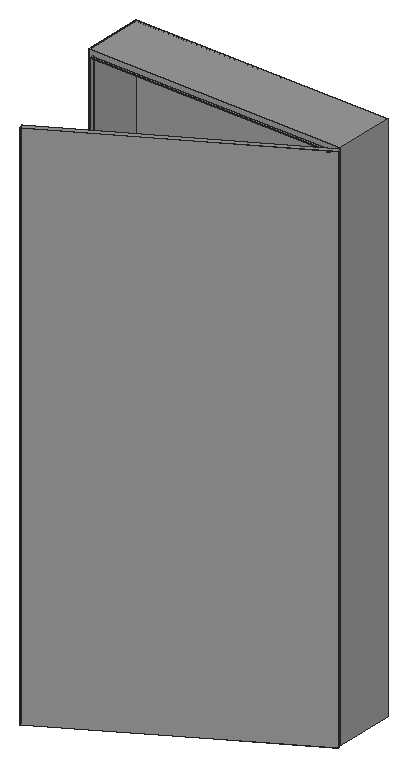
Revit family "Hager-Univers-IP44-D205-H1700-Cl.II-Encl-NoHosted-PL-en", category Equipement électrique, Revit 2020
Family settings
  Configuration du panneau = Deux colonnes, circuits au sein
  Cote de connecteur circulaire = Utiliser le diamètre
  Type d'élément = Tableau de raccordement
  Basée sur le plan de construction = Oui
  Toujours verticalement = Oui
  Couper avec des vides une fois chargée = Non
  Partagée = Non
  Point de calcul de pièce = Non
Parameters (values of type "Surface mounted (plaster) IP44 W800 H1700 D205  - FP13SN2")
  Width Control [instance] = if([EF000008 - Width] > Min Width, [EF000008 - Width], Min Width)  # 800 mm
  Commentaires du type = [HG000003 - Range]  # "Univers"
  Thickness Door [instance] = if([EF009171 - Material plate thickness door/cover] > 3 mm, 3 mm, [EF009171 - Material plate thickness door/cover])  # 1 mm
  Seal Frame Offset [instance] = 17 mm  # constant formula
  Plinth Visibility [instance] = [HG000027 - Plinth height] > 0 mm  # no
  Min Width [instance] = 100 mm  # constant formula
  Min Depth [instance] = (2 * [EF009170 - Material plate thickness cabinet]) + 1 mm  # 3 mm
  Min Height [instance] = 100 mm  # constant formula
  Internal Frame Depth [instance] = (Door System Depth * 0.5)  # 9 mm
  Panel Name [instance] = ""  # (empty or 0)
  Model = ""
  HG000027 - Plinth height = 0 mm
  HG000026 - Floor standing = no
  HG000024 - Bottom section height = 600 mm
  HG000023 - Double section enclosure = no
  HG000016 - Door 3d visibility [instance] = yes
  HG000015 - Clearance visibility [instance] = no
  HG000014 - Door on the right [instance] = yes
  HG000013 - Door on the left [instance] = not([HG000014 - Door on the right])  # no
  HG000012 - Door swing angle [instance] = 30.00°
  HG000010 - Asymmetric doors = no
  HG000009 - Double swing door = no
  HG000006 - Flush mounted = no
  HG000004 - Manufacturer reference = "FP13SN2"
  HG000003 - Range = "Univers"
  HG000002 - With door or cover = yes
  Frame Offset Bottom [instance] = 10 mm  # constant formula
  Frame Offset [instance] = 15 mm  # constant formula
  EF015940 - Cover with overpressure release = no
  EF011959 - Degree of protection (NEMA) = ""
  EF009554 - Number of openings for flange plates = 6
  EF009212 - Cover model = "EV000116 - Closed"
  EF009171 - Material plate thickness door/cover = 1 mm
  EF009170 - Material plate thickness cabinet = 1 mm
  EF008873 - Nominal current (In) = 400 A
  EF007800 - Suitable for lightning protection = no
  EF006306 - With lock = no
  EF006244 - Transparent cover/door = no
  EF005474 - Degree of protection (IP) = "EV006418 - IP44"
  EF004464 - Type of door = "EV002646 - Single"
  EF004427 - Number of modules = 396
  EF004293 - Impact strength = "EV006815 - IK09"
  EF003532 - Suitable for outdoor use = no
  EF002950 - Width in number of modular spacings = 36
  EF001613 - Circuit integrity = "EV000494 - None"
  EF001596 - Material housing = "EV000179 - Steel"
  EF001131 - Internal depth = 143 mm
  EF001088 - Extension possible = yes
  EF000437 - Number of conduit inlets = 6
  EF000339 - Type of cover = "EV001012 - Cover"
  EF000266 - Number of rows = 11
  EF000218 - Built-in depth = 205 mm
  EF000118 - With mounting plate = no
  EF000116 - RAL-number = "9010"
  EF000049 - Depth = 205 mm
  EF000040 - Height = 1700 mm
  EF000008 - Width = 800 mm
  EF000007 - Colour = "EV000202 - White"
  EF000003 - Mounting method = "EV000384 - Surface mounted (plaster)"
  Door System Leaf Tolerance [instance] = 1.5 mm  # constant formula
  Door System Depth [instance] = 18 mm  # constant formula
  Door Height [instance] = Height Control - [HG000027 - Plinth height]  # 1700 mm
  Description = ""
  Default Elevation = 1219.2 mm
  Connector Offset [instance] = Height Control / 2  # 850 mm
  Fabricant = "Hager"  # constant formula
  Height Control [instance] = if([EF000040 - Height] > Min Height, [EF000040 - Height], Min Height)  # 1700 mm
  Depth Control [instance] = if([EF000049 - Depth] > Min Depth, [EF000049 - Depth], Min Depth)  # 205 mm
  Bottom Top Plate Trim [instance] = 1.5 mm  # constant formula
  Plinth height Ctrl [instance] = if([HG000027 - Plinth height] > 0 mm, [HG000027 - Plinth height], 12 mm)  # 12 mm
Types (5, lengths in mm): name | Width Control | HG000010 - Asymmetric doors | HG000009 - Double swing door | HG000004 - Manufacturer reference | EF009554 - Number of openings for flange plates | EF008873 - Nominal current (In) | EF004464 - Type of door | EF004427 - Number of modules | EF002950 - Width in number of modular spacings | EF000437 - Number of conduit inlets | EF000008 - Width
  Surface mounted (plaster) IP44 W1050 H1700 D205  - FP14SN2 | 1050 | no | yes | "FP14SN2" | 8 | 400 A | "EV003602 - Double" | 528 | 48 | 8 | 1050
  Surface mounted (plaster) IP44 W1300 H1700 D205  - FP15SN2 | 1300 | yes | yes | "FP15SN2" | 10 | 400 A | "EV003602 - Double" | 660 | 60 | 10 | 1300
  Surface mounted (plaster) IP44 W300 H1700 D205  - FP11SN2 | 300 | no | no | "FP11SN2" | 2 | 250 A | "EV002646 - Single" | 132 | 12 | 2 | 300
  Surface mounted (plaster) IP44 W550 H1700 D205  - FP12SN2 | 550 | no | no | "FP12SN2" | 4 | 250 A | "EV002646 - Single" | 264 | 24 | 4 | 550
  Surface mounted (plaster) IP44 W800 H1700 D205  - FP13SN2 | 800 | no | no | "FP13SN2" | 6 | 400 A | "EV002646 - Single" | 396 | 36 | 6 | 800
Reference planes
  plane 1 "Center (Front/Back)": y = 0
  plane 2: z = 0
  plane 3 "Center (Left/Right)": x = 0
  plane 4: y = 0
  plane 5: y = 0
  plane 6: z = 0
  plane 7: x = -400
  plane 8: x = 400
  plane 9: x = 399
  plane 10: x = -399
  plane 11: z = 0
  plane 12: z = 1
  plane 13: y = -205
  plane 14: y = -1
  plane 15: x = 0
  plane 16: y = -187
  plane 17: y = -204
  plane 18: y = -186
  plane 19: x = -384
  plane 20: x = 384
  plane 21: z = 11
  plane 22: x = -383
  plane 23: x = 383
  plane 24: z = 0
  plane 25: z = 1700
  plane 26: z = 1700
  plane 27: z = 1684
  plane 28: z = 1699
Forms (mm)
  Extrusion 1, solid, material "Hager_Steel_RAL7035_Light_Grey", detail levels medium+fine
    sketch origin (-208.679, -4572, 0) x (-1, 0, 0) y (0, -1, 0)
      loop
        line (191.321, -4385) -> (-608.679, -4385) -> (-608.679, -4572) -> (191.321, -4572) -> (191.321, -4385)
    from 0 to 1700
  Extrusion 2, void
    sketch origin (-350.771, -205, 1219.2) x (1, 0, 0) y (0, 0, 1)
      loop
        line (-48.229, 479.8) -> (-48.229, -1218.2) -> (749.771, -1218.2) -> (749.771, 479.8) -> (-48.229, 479.8)
    from -19 to -204
  Extrusion 3, void
    sketch origin (-290.084, -187, 1219.2) x (1, 0, 0) y (0, 0, 1)
      loop
        line (-93.916, -1208.2) -> (674.084, -1208.2) -> (674.084, 464.8) -> (-93.916, 464.8) -> (-93.916, -1208.2)
    from 0 to -1
  Extrusion 4, solid, material "Hager_Steel_RAL7035_Light_Grey", visible <- "Plinth Visibility", detail levels medium+fine
    sketch origin (0, 0, 0) x (1, 0, 0) y (0, 1, 0)
      loop
        line (-400, 0) -> (-400, -187) -> (400, -187) -> (400, 0) -> (-400, 0)
    from 0 to 12 <- "Plinth height Ctrl"
  Extrusion 5, solid, material "Hager_Steel_RAL7035_Light_Grey", detail levels coarse
    sketch origin (0, 0, 0) x (1, 0, 0) y (0, 1, 0)
      loop
        line (-400, 0) -> (-400, -205) -> (400, -205) -> (400, 0) -> (-400, 0)
    from 0 to 1700 <- "Height Control"
  Sweep 6, void
    path in 3D
      loop
        line (-400, -187, 12) -> (400, -187, 12) -> (400, 0, 12) -> (-400, 0, 12) -> (-400, -187, 12)
    profile origin (-400, -93.5, 12) x (1, 0, 0) y (0, 0, 1)
      loop
        line (0, 0) -> (0, -1.5) -> (1.5, -1.5)
        arc (1.5, -1.5) -> (1.061, -0.439) -> (0, 0) r 1.5
  Extrusion 7, solid, material "Hager_Steel_RAL7035_Light_Grey", detail levels fine
    sketch origin (-400, -187, 0) x (1, 0, 0) y (0, 0, 1)
      loop
        line (16, 11) -> (784, 11) -> (784, 1684) -> (16, 1684) -> (16, 11)
      loop
        line (15, 10) -> (785, 10) -> (785, 1685) -> (15, 1685) -> (15, 10)
    from 0 to 9 <- "Internal Frame Depth"
Cuts and joins
  Extrusion 2, Extrusion 3 cuts Extrusion 1
  Sweep 6 cuts Extrusion 4
Lines and regions (mm)
  Masking region 1
    outline origin (0, 0, 0) x (1, 0, 0) y (0, 1, 0)
      loop
        line (-400, 0) -> (-400, -205) -> (400, -205) -> (400, 0) -> (-400, 0)
  Masking region 2, detail levels coarse
    outline origin (-290.084, -187, 1219.2) x (-1, 0, 0) y (0, 0, 1)
      loop
        line (-690.084, -1219.2) -> (109.916, -1219.2) -> (109.916, 480.8) -> (-690.084, 480.8) -> (-690.084, -1219.2)
  Masking region 3, detail levels coarse
    outline origin (0, 0, 0) x (0, 1, 0) y (0, 0, 1)
      loop
        line (0, 0) -> (0, 1700) -> (-205, 1700) -> (-205, 0) -> (0, 0)
  Masking region 4, visible <- "Plinth Visibility", detail levels medium+fine
    outline origin (0, 0, 0) x (0, 1, 0) y (0, 0, 1)
      loop
        line (-1.5, 12) -> (-185.5, 12)
        arc (-185.5, 12) -> (-185.939, 10.939) -> (-187, 10.5) r 1.5
        line (-187, 10.5) -> (-187, 0) -> (0, 0) -> (0, 10.5)
        arc (0, 10.5) -> (-1.061, 10.939) -> (-1.5, 12) r 1.5
  Masking region 5, detail levels medium+fine
    outline origin (0, 0, 594.038) x (0, 1, 0) y (0, 0, 1)
      loop
        line (0, -594.038) -> (0, 1105.962) -> (-187, 1105.962) -> (-187, -594.038) -> (0, -594.038)
  Masking region 6, detail levels medium+fine
    outline origin (-359.7, -187, 1211.883) x (-1, 0, 0) y (0, 0, 1)
      loop
        line (-759.7, -1211.883) -> (40.3, -1211.883) -> (40.3, 488.117) -> (-759.7, 488.117) -> (-759.7, -1211.883)
  Masking region 7, visible <- "Plinth Visibility", detail levels medium+fine
    outline origin (-320.334, -187, 1041.368) x (-1, 0, 0) y (0, 0, 1)
      loop
        line (-720.334, -1041.368) -> (79.666, -1041.368) -> (79.666, -1030.868)
        arc (79.666, -1030.868) -> (78.606, -1030.429) -> (78.166, -1029.368) r 1.5
        line (78.166, -1029.368) -> (-718.834, -1029.368)
        arc (-718.834, -1029.368) -> (-719.273, -1030.429) -> (-720.334, -1030.868) r 1.5
        line (-720.334, -1030.868) -> (-720.334, -1041.368)
  sketch lines
    curve 1: line (-400, 0, 12) -> (-400, -187, 12)
    curve 2: line (-400, -187, 12) -> (400, -187, 12)
    curve 3: line (400, 0, 12) -> (-400, 0, 12)
    curve 4: line (400, -187, 12) -> (400, 0, 12)
Dimensions and locks
  locked: plane 1 "Center (Front/Back)" to plane 5
  "EF009170 - Material plate thickness cabinet": plane 7 to plane 10
  "EF009170 - Material plate thickness cabinet": plane 8 to plane 9
  equal spacing: plane 7, plane 3 "Center (Left/Right)", plane 8
  "Width Control": plane 7 to plane 8
  "Depth Control": plane 4 to plane 13
  "EF009170 - Material plate thickness cabinet": plane 4 to plane 14
  "Height Control": plane 25 to level
  "HG000027 - Plinth height": plane 11 to level
  "EF009170 - Material plate thickness cabinet": plane 12 to plane 11
  "EF009170 - Material plate thickness cabinet": plane 17 to plane 13
  "EF009170 - Material plate thickness cabinet": plane 18 to plane 16
  "Frame Offset Bottom": plane 21 to plane 12
  "Frame Offset": plane 10 to plane 19
  "Frame Offset": plane 9 to plane 20
  "Door System Depth": plane 16 to plane 13
  "Seal Frame Offset": plane 7 to plane 22
  "Seal Frame Offset": plane 8 to plane 23
  "EF009170 - Material plate thickness cabinet": plane 26 to plane 28
  "Frame Offset": plane 28 to plane 27
  "Connector Offset": plane 2 to connector elem
  "Bottom Top Plate Trim": profile plane to Sweep 6 sketch curve
  "Bottom Top Plate Trim": Sweep 6 sketch curve to Sweep 6 sketch curve
  "Plinth height Ctrl": Masking region 4 sketch curve to level
  "Plinth height Ctrl": Masking region 7 sketch curve to level
  "Thickness Door": Extrusion 7 sketch curve to Extrusion 7 sketch curve  (x4)
  "Bottom Top Plate Trim": radius of Sweep 6 sketch curve
  "Bottom Top Plate Trim": radius of Masking region 4 sketch curve  (x2)
  "Bottom Top Plate Trim": radius of Masking region 7 sketch curve  (x2)
  aligned and locked: Extrusion 2 sketch curve to plane 12
  aligned and locked: Extrusion 2 sketch curve to plane 9
  aligned and locked: Extrusion 2 sketch curve to plane 10
  aligned and locked: Extrusion 2 to plane 14
  aligned and locked: Extrusion 1 sketch curve to plane 4
  aligned and locked: plane 8 to Extrusion 1 sketch curve
  aligned and locked: plane 7 to Extrusion 1 sketch curve
  aligned and locked: Extrusion 2 to plane 18
  aligned and locked: Extrusion 3 sketch curve to plane 19
  aligned and locked: plane 20 to Extrusion 3 sketch curve
  aligned and locked: Extrusion 3 to Extrusion 2
  aligned and locked: Extrusion 3 sketch curve to plane 21
  aligned and locked: plane 3 "Center (Left/Right)" to nested 1
  aligned and locked: Extrusion 1 sketch curve to plane 16
  aligned and locked: Extrusion 4 sketch curve to cut or joined group of Extrusion 1, Extrusion 2, Extrusion 3
  aligned and locked: Masking region 1 sketch curve to plane 7
  aligned and locked: Masking region 1 sketch curve to plane 5
  aligned and locked: Masking region 1 sketch curve to plane 8
  aligned and locked: Masking region 2 sketch curve to level
  aligned and locked: level to Masking region 3 sketch curve
  aligned and locked: plane 1 "Center (Front/Back)" to Masking region 3 sketch curve
  aligned and locked: plane 13 to Masking region 3 sketch curve
  aligned and locked: plane 5 to Masking region 4 sketch curve
  aligned and locked: Masking region 2 sketch curve to plane 8
  aligned and locked: Masking region 2 sketch curve to plane 7
  aligned and locked: plane 7 to nested 2
  aligned and locked: nested 2 to plane 5
  aligned and locked: plane 5 to Masking region 5 sketch curve
  aligned and locked: plane 26 to Masking region 5 sketch curve
  aligned and locked: Extrusion 5 sketch curve to plane 8
  aligned and locked: Extrusion 5 sketch curve to plane 7
  aligned and locked: Extrusion 5 sketch curve to plane 5
  aligned and locked: Extrusion 3 sketch curve to plane 27
  aligned and locked: Extrusion 2 sketch curve to plane 28
  aligned and locked: Masking region 2 to plane 25
  aligned and locked: Extrusion 4 to plane 16
  aligned and locked: profile plane to Sweep 6 sketch curve
  aligned and locked: Masking region 5 sketch curve to plane 24
  aligned and locked: level to Masking region 4 sketch curve
  aligned and locked: Masking region 1 to plane 13
  aligned and locked: nested 1 to plane 16
  aligned and locked: Masking region 3 to plane 25
  aligned and locked: plane 16 to Masking region 4 sketch curve
  aligned and locked: Masking region 5 sketch curve to plane 16
  aligned and locked: plane 24 to plane 11
  aligned and locked: plane 26 to plane 25
  aligned and locked: plane 26 to cut or joined group of Extrusion 1, Extrusion 2, Extrusion 3
  aligned and locked: nested 1 to plane 24
  aligned and locked: Extrusion 1 to Extrusion 3
  aligned and locked: Masking region 6 sketch curve to plane 8
  aligned and locked: Masking region 6 sketch curve to plane 24
  aligned and locked: Masking region 6 sketch curve to plane 7
  aligned and locked: Masking region 6 sketch curve to plane 26
  aligned and locked: Masking region 7 sketch curve to plane 7
  aligned and locked: level to Masking region 7 sketch curve
  aligned and locked: Masking region 7 sketch curve to plane 8
  aligned and locked: Extrusion 7 sketch curve to cut or joined group of Extrusion 1, Extrusion 2, Extrusion 3  (x4)
Automatic sketch dimensions
  plane 19 to Extrusion 3 sketch curve = 0 mm
  Extrusion 3 sketch curve to plane 20 = 0 mm
  Extrusion 3 sketch curve to plane 21 = 0 mm
  Extrusion 4 sketch curve to plane 7 = 0 mm
  Extrusion 4 sketch curve to plane 8 = 0 mm
  Extrusion 4 sketch curve to plane 16 = 0 mm
  Masking region 1 sketch curve to plane 13 = 0 mm
  Masking region 2 sketch curve to plane 25 = 0 mm
  Masking region 3 sketch curve to plane 25 = 0 mm
  Extrusion 5 sketch curve to plane 13 = 0 mm
  profile plane to Sweep 6 sketch curve = 0 mm
Nested families
  nested 1: "EC000058_Univers_Door" at (0, -187, 0), Double <- "HG000009 - Double swing door", Transparent <- "EF006244 - Transparent cover/door", Angle <- "HG000012 - Door swing angle", Door_Right <- "HG000014 - Door on the right", Assymetrical <- "HG000010 - Asymmetric doors", Door <- "HG000002 - With door or cover", Width_Ctrl <- "Width Control", 3d_Door <- "HG000016 - Door 3d visibility", Clearance <- "HG000015 - Clearance visibility", Door_Left <- "HG000013 - Door on the left", Width <- "Width Control", Door_Depth <- "Door System Depth", Leaf_Tolerance <- "Door System Leaf Tolerance", Height <- "Door Height", Lock_Visibility <- "EF006306 - With lock", Thickness <- "Thickness Door", type "EC000058_Univers_Door", detail levels medium+fine
    with min_wh 3 mm, Width_Ctrl 800 mm, Width 800 mm, Transparent no, Thickness 1 mm, Seal_Material Hager_Rubber, Lock_Visibility no, Lock_Material Hager_Plastic_RAL9005_Jet_Black, Leaf_Width 800 mm, Leaf_Tolerance_External_Sides 0 mm, Leaf_Tolerance 1.5 mm, Leaf_Offset 0 mm, Leaf_Height 1697 mm, Leaf_2_Width 800 mm, Leaf_2_Offset 400 mm, Leaf_1_Width 800 mm, Leaf_1_Offset 400 mm, Height_Ctrl 1700 mm, Height 1700 mm, Glass_Material Hager_Glass, Double_Clearance_Ctrl no, Double no, Door_Right_Ctrl yes, Door_Right yes, Door_Material Hager_Steel_RAL7035_Light_Grey, Door_Left_Ctrl no, Door_Left no, Door_Depth 18 mm, Door yes, Clearance_Material Hager_Clearance, Clearance_Depth 800 mm, Clearance_Ctrl no, Clearance no, Assymetrical no, Angle 30.00°, 3d_Door yes
  nested 2: "Hager_Enclosure_Symbol" at (-400, 0, 0), Height <- "Depth Control", Width <- "Width Control", type "Hager_Enclosure_Symbol"
    with Width_Ctrl 800 mm, Width 800 mm, Height_Ctrl 205 mm, Height 205 mm, A_Width_Int 13.453 mm, A_Width 161.438 mm, A_Height_Ctrl 179.375 mm, A_Height 179.375 mm
Connectors
  electrical at (0, 0, 850)
    settings: on plane 1 "Center (Front/Back)", index 1, voltage 0 V, apparent load 0 VA, apparent load phase1 0 VA, apparent load phase2 0 VA, apparent load phase3 0 VA, power factor 1, load classification "Other", number of poles 1, system type 30, power factor state 1, is connector primary yes, connector utility no, sub classification motor no, connector description ""
Definition of nested family "EC000058_Univers_Door"
  Parameters (values of type "EC000058_Univers_Door")
    min_wh [instance] = (2 * Thickness) + 1 mm  # 11 mm
    Width_Ctrl [instance] = 400 mm
    Width [instance] = 500 mm
    Transparent [instance] = yes
    Thickness [instance] = 5 mm
    Seal_Material [instance] = none
    Lock_Visibility [instance] = yes
    Lock_Material [instance] = none
    Leaf_Width [instance] = if((Width_Ctrl - 2 * Leaf_Tolerance_External_Sides) > 0 mm, (Width_Ctrl - 2 * Leaf_Tolerance_External_Sides), min_wh)  # 400 mm
    Leaf_Tolerance_External_Sides [instance] = 0 mm  # constant formula
    Leaf_Tolerance [instance] = 1.5 mm
    Leaf_Offset [instance] = 0 mm  # constant formula
    Leaf_Height [instance] = if((Height_Ctrl - 2 * Leaf_Tolerance) > 0 mm, (Height_Ctrl - 2 * Leaf_Tolerance), min_wh)  # 497 mm
    Leaf_2_Width [instance] = if(and(and(Double, Assymetrical), Door_Left), (Leaf_Width / 3) - (Leaf_Tolerance / 2), if(and(and(Double, Assymetrical), Door_Right), (Leaf_Width / 3) * 2 - (Leaf_Tolerance / 2), if(and(Double, not(Assymetrical)), (Leaf_Width / 2) - Leaf_Tolerance, Leaf_Width)))  # 400 mm
    Leaf_2_Offset [instance] = if(and(Double, Assymetrical), Leaf_2_Width / 2, if(and(Double, not(Assymetrical)), Leaf_Width / 4, Leaf_Width / 2))  # 200 mm
    Leaf_1_Width [instance] = if(and(and(Double, Assymetrical), Door_Right), (Leaf_Width / 3) - (Leaf_Tolerance / 2), if(and(and(Double, Assymetrical), Door_Left), (Width / 3) * 2 - (Leaf_Tolerance / 2), if(and(Double, not(Assymetrical)), (Leaf_Width / 2) - Leaf_Tolerance, Leaf_Width)))  # 400 mm
    Leaf_1_Offset [instance] = if(and(Double, Assymetrical), Leaf_1_Width / 2, if(and(Double, not(Assymetrical)), Leaf_Width / 4, Leaf_Width / 2))  # 200 mm
    Height_Ctrl [instance] = if(Height > min_wh, Height, min_wh)  # 500 mm
    Height [instance] = 500 mm
    Glass_Material [instance] = none
    Double_Clearance_Ctrl [instance] = and(Double, Clearance)  # no
    Double [instance] = no
    Door_Right_Ctrl [instance] = and(or(Door_Right, Double), Door)  # yes
    Door_Right [instance] = yes
    Door_Material [instance] = none
    Door_Left_Ctrl [instance] = and(or(Door_Left, Double), Door)  # no
    Door_Left [instance] = no
    Door_Depth [instance] = 30 mm
    Door [instance] = yes
    Default Elevation = 1219.2 mm
    Clearance_Material [instance] = none
    Clearance_Depth [instance] = if(Leaf_1_Width > Leaf_2_Width, Leaf_1_Width, Leaf_2_Width)  # 400 mm
    Clearance_Ctrl [instance] = and(not(Double), Clearance)  # yes
    Clearance [instance] = yes
    Assymetrical [instance] = yes
    Angle [instance] = 30.00°
    3d_Door [instance] = yes
  Reference planes
    plane 1 "Center (Front/Back)": y = 0
    plane 2 "Bottom": z = 0
    plane 3 "Center (Left/Right)": x = 0
    plane 4: z = 500
    plane 5: x = -200
    plane 6: x = 200
    plane 7: z = 500
    plane 8: x = -200
    plane 9: z = 0
    plane 10: x = 200
    plane 11: y = 0
    plane 12: z = 1.5
    plane 13: x = -600
    plane 14: y = -400
    plane 15: x = 600
    plane 16: x = 0
    plane 17: x = 0
    plane 18: x = -200
    plane 19: x = 200
    plane 20: z = 498.5
  Forms (mm)
    Extrusion 1, solid, material <- "Clearance_Material", visible <- "Double_Clearance_Ctrl"
      sketch origin (1200, 0, 0) x (1, 0, 0) y (0, 0, -1)
        loop
          line (-1800, -498.5) -> (-600, -498.5) -> (-600, 0) -> (-1800, 0) -> (-1800, -498.5)
      from 0 to -400
  Dimensions and locks
    equal spacing: plane 5, plane 3 "Center (Left/Right)", plane 6
    "Width_Ctrl": plane 5 to plane 6
    "Leaf_Offset": plane 5 to plane 8
    "Leaf_Offset": plane 6 to plane 10
    "Leaf_Offset": plane 9 to level
    "Leaf_Offset": plane 4 to plane 7
    "Height_Ctrl": plane 4 to level
    "Leaf_Tolerance": plane 12 to plane 9
    locked: plane 11 to plane 1 "Center (Front/Back)"
    "Leaf_1_Offset": plane 18 to plane 16
    "Leaf_2_Offset": plane 17 to plane 19
    "Leaf_1_Width": plane 13 to plane 8
    "Leaf_2_Width": plane 10 to plane 15
    "Clearance_Depth": plane 14 to plane 1 "Center (Front/Back)"
    "Leaf_Tolerance_External_Sides": plane 8 to plane 18
    "Leaf_Tolerance_External_Sides": plane 19 to plane 10
    "Leaf_Tolerance": plane 7 to plane 20
    aligned and locked: level to plane 2 "Bottom"
    aligned and locked: nested 1 to plane 16
    aligned and locked: nested 2 to plane 17
    aligned and locked: Extrusion 1 to plane 13
    aligned and locked: plane 15 to Extrusion 1
    aligned and locked: Extrusion 1 to plane 14
    aligned and locked: plane 12 to nested 1
    aligned and locked: nested 2 to plane 12
    aligned and locked: Extrusion 1 to plane 11
    aligned and locked: plane 20 to Extrusion 1
    aligned and locked: nested 2 to plane 11
    aligned and locked: nested 1 to plane 11
  Automatic sketch dimensions
    Extrusion 1 sketch curve to level = 0 mm
    plane 5 to Extrusion 1 sketch curve = 400 mm
    plane 6 to Extrusion 1 sketch curve = 400 mm
    Extrusion 1 sketch curve to plane 4 = 1.5 mm
  Nested families
    nested 1: "EC000058_Univers_Door_Leaf" at (0, 0, 1.5), Width <- "Leaf_1_Width", visible <- "Door_Left_Ctrl", Leaf_Height <- "Leaf_Height", Angle <- "Angle", 3d_Door <- "3d_Door", Transparent <- "Transparent", Clearance Material <- "Clearance_Material", Clearance <- "Clearance_Ctrl", Door_Material <- "Door_Material", Glass_Material <- "Glass_Material", Door_Depth <- "Door_Depth", Lock_Material <- "Lock_Material", Seal_Material <- "Seal_Material", Lock_Visibility <- "Lock_Visibility", Thickness <- "Thickness", type "EC000058_Univers_Door_Leaf"
      with Width 400 mm, Transparent_Glass_Offset 30 mm, Transparent_Ctrl yes, Transparent yes, Thickness 5 mm, Standard no, Seal_Material none, Seal_D2 8 mm, Seal_D1 1 mm, Offset_Internal_Frame 10 mm, Lock_Width 20 mm, Lock_Visibility_3d yes, Lock_Visibility yes, Lock_Thickness_3 3 mm, Lock_Thickness_2 1 mm, Lock_Thickness_1 3 mm, Lock_Radius_Offset_2 16 mm, Lock_Radius_Offset_1 15 mm, Lock_Radius_2 5 mm, Lock_Radius 6 mm, Lock_Offset 5 mm, Lock_Material none, Lock_Height 80 mm, Lock_Cover_Top_Offset_2d 17 mm, Lock_Cover_Height -65 mm, Leaf_Height 497 mm, Internal_Seal_Thickness 8 mm, Internal_Seal_Depth_2 4.5 mm, Internal_Frame_Depth 25 mm, Glass_Thickness -1 mm, Glass_Offset -2 mm, Glass_Material none, Door_Material none, Door_Depth 30 mm, Clearance Material none, Clearance yes, Angle_Ctrl 30.00°, Angle 30.00°, 3d_Door yes
    nested 2: "EC000058_Univers_Door_Leaf" at (0, 0, 1.5) x (-1, 0, 0) z (0, 0, 1), Width <- "Leaf_2_Width", visible <- "Door_Right_Ctrl", Leaf_Height <- "Leaf_Height", Angle <- "Angle", 3d_Door <- "3d_Door", Transparent <- "Transparent", Clearance Material <- "Clearance_Material", Clearance <- "Clearance_Ctrl", Door_Material <- "Door_Material", Glass_Material <- "Glass_Material", Door_Depth <- "Door_Depth", Lock_Material <- "Lock_Material", Seal_Material <- "Seal_Material", Lock_Visibility <- "Lock_Visibility", Thickness <- "Thickness", type "EC000058_Univers_Door_Leaf"
      with Width 400 mm, Transparent_Glass_Offset 30 mm, Transparent_Ctrl yes, Transparent yes, Thickness 5 mm, Standard no, Seal_Material none, Seal_D2 8 mm, Seal_D1 1 mm, Offset_Internal_Frame 10 mm, Lock_Width 20 mm, Lock_Visibility_3d yes, Lock_Visibility yes, Lock_Thickness_3 3 mm, Lock_Thickness_2 1 mm, Lock_Thickness_1 3 mm, Lock_Radius_Offset_2 16 mm, Lock_Radius_Offset_1 15 mm, Lock_Radius_2 5 mm, Lock_Radius 6 mm, Lock_Offset 5 mm, Lock_Material none, Lock_Height 80 mm, Lock_Cover_Top_Offset_2d 17 mm, Lock_Cover_Height -65 mm, Leaf_Height 497 mm, Internal_Seal_Thickness 8 mm, Internal_Seal_Depth_2 4.5 mm, Internal_Frame_Depth 25 mm, Glass_Thickness -1 mm, Glass_Offset -2 mm, Glass_Material none, Door_Material none, Door_Depth 30 mm, Clearance Material none, Clearance yes, Angle_Ctrl 30.00°, Angle 30.00°, 3d_Door yes
  Definition of nested family "EC000058_Univers_Door_Leaf"
    Parameters (values of type "EC000058_Univers_Door_Leaf")
      Width [instance] = 2000 mm
      Transparent_Glass_Offset [instance] = 30 mm
      Transparent_Ctrl [instance] = and(Transparent, [3d_Door])  # yes
      Transparent [instance] = yes
      Thickness [instance] = 5 mm
      Standard [instance] = and(not(Transparent), [3d_Door])  # no
      Seal_Material [instance] = none
      Seal_D2 [instance] = 8 mm  # constant formula
      Seal_D1 [instance] = 1 mm  # constant formula
      Offset_Internal_Frame [instance] = 10 mm  # constant formula
      Lock_Width [instance] = 20 mm  # constant formula
      Lock_Visibility_3d [instance] = and(Lock_Visibility, [3d_Door])  # yes
      Lock_Visibility [instance] = yes
      Lock_Thickness_3 [instance] = 3 mm  # constant formula
      Lock_Thickness_2 [instance] = 1 mm  # constant formula
      Lock_Thickness_1 [instance] = 3 mm  # constant formula
      Lock_Radius_Offset_2 [instance] = Lock_Radius_Offset_1 + 1 mm  # 16 mm
      Lock_Radius_Offset_1 [instance] = 15 mm  # constant formula
      Lock_Radius_2 [instance] = Lock_Radius - 1 mm  # 5 mm
      Lock_Radius [instance] = 6 mm  # constant formula
      Lock_Offset [instance] = 5 mm  # constant formula
      Lock_Material [instance] = none
      Lock_Height [instance] = 80 mm  # constant formula
      Lock_Cover_Top_Offset_2d [instance] = Lock_Radius_Offset_2 + 1 mm  # 17 mm
      Lock_Cover_Height [instance] = -(Lock_Height - Lock_Radius_Offset_1)  # -65 mm
      Leaf_Height [instance] = 2720.336 mm
      Internal_Seal_Thickness [instance] = 8 mm  # constant formula
      Internal_Seal_Depth_2 [instance] = 4.5 mm  # constant formula
      Internal_Frame_Depth [instance] = if(Door_Depth - Thickness > 5 mm, Door_Depth - Thickness, 5 mm)  # 25 mm
      Glass_Thickness [instance] = if(Thickness > 15 mm, Glass_Offset + 10 mm, -1 mm)  # -1 mm
      Glass_Offset [instance] = if(Thickness > 15 mm, -(Thickness + 10 mm) / 2, -2 mm)  # -2 mm
      Glass_Material [instance] = none
      Door_Material [instance] = none
      Door_Depth [instance] = 30 mm
      Default Elevation = 0 mm
      Clearance Material [instance] = none
      Clearance [instance] = yes
      Angle_Ctrl [instance] = if(Angle > 180.00°, 180.00°, Angle)  # 90.00°
      Angle [instance] = 90.00°
      3d_Door [instance] = yes
    Reference planes
      plane 1 "Center (Front/Back)": y = 0
      plane 2: z = 0
      plane 3 "Center (Left/Right)": x = 0
      plane 4: y = 2000
      plane 5: x = -1000
      plane 6: x = 1000
      plane 7: x = -3000
      plane 8: z = 2720.336
      plane 9: z = 30
      plane 10: z = 2690.336
      plane 11: x = 970
      plane 12: x = -970
      plane 13: y = -3
      plane 14: z = 107.833
      plane 15: y = -5
      plane 16: y = -223.314
      plane 17: x = -1000
      plane 18: z = 1360.168
      plane 19: y = 30
    Forms (mm)
      Extrusion 1, solid, material <- "Clearance Material", visible <- "Clearance"
        sketch origin (0, 0, 0) x (1, 0, 0) y (0, 0, 1)
          loop
            line (-3000, 2720.336) -> (-3000, 0) -> (1000, 0) -> (1000, 2720.336) -> (-3000, 2720.336)
        from 0 to -2000
      Extrusion 2, solid, material <- "Door_Material", visible <- "Standard", detail levels medium+fine
        sketch origin (-1000, 0, 0) x (0, 1, 0) y (-1, 0, 0)
          loop
            line (0, 30) -> (0, 25) -> (2000, 25) -> (2000, 30) -> (0, 30)
        from 0 to 2720.336 <- "Leaf_Height"
      Extrusion 3, solid, material <- "Door_Material", visible <- "Transparent_Ctrl", detail levels medium+fine
        sketch origin (-1000, 0, 0) x (0, 1, 0) y (-1, 0, 0)
          loop
            line (0, 25) -> (2000, 25) -> (2000, 30) -> (0, 30) -> (0, 25)
        from 0 to 2720.336 <- "Leaf_Height"
      Extrusion 4, void
        sketch origin (-1025, 2000, 0) x (0, 1, 0) y (0, 0, -1)
          loop
            line (-30, -2690.336) -> (-30, -30) -> (-1970, -30) -> (-1970, -2690.336) -> (-30, -2690.336)
        from 0 to 5 <- "Thickness"
      Sweep 5, solid, material <- "Seal_Material", visible <- "Transparent_Ctrl", detail levels fine
        path in 3D
          loop
            line (-1025, 30, 30) -> (-1025, 30, 2690.336) -> (-1025, 1970, 2690.336) -> (-1025, 1970, 30) -> (-1025, 30, 30)
        profile origin (-1025, 1000, 30) x (1, 0, 0) y (0, 0, 1)
          loop
            line (0, 0) -> (0, -8) -> (1, -8) -> (1, 0) -> (0, 0)
      Extrusion 6, solid, material <- "Glass_Material", visible <- "Transparent_Ctrl", detail levels medium+fine
        sketch origin (-1030, 0, 0) x (0, 1, 0) y (0, 0, -1)
          loop
            line (1970, -2690.336) -> (1970, -30) -> (30, -30) -> (30, -2690.336) -> (1970, -2690.336)
        from -2 <- "Glass_Offset" to -1 <- "Glass_Thickness"
      Extrusion 7, solid, material <- "Door_Material", visible <- "3d_Door", detail levels medium+fine
        sketch origin (-1025, 2000, 0) x (0, -1, 0) y (0, 0, -1)
          loop
            line (0, -2720.336) -> (2000, -2720.336) -> (2000, 0) -> (0, 0) -> (0, -2720.336)
          loop
            line (1995, -5) -> (5, -5) -> (5, -2715.336) -> (1995, -2715.336) -> (1995, -5)
        from 0 to 25 <- "Internal_Frame_Depth"
      Sweep 8, solid, material <- "Seal_Material", visible <- "Transparent_Ctrl", detail levels fine
        path in 3D
          loop
            line (-1025, 0, 0) -> (-1025, 2000, 0) -> (-1025, 2000, 2720.336) -> (-1025, 0, 2720.336) -> (-1025, 0, 0)
        profile origin (-1025, 0, 1360.168) x (1, 0, 0) y (0, 1, 0)
          loop
            line (0, 10) -> (2.975, 10)
            arc (2.975, 10) -> (4.053, 10.447) -> (4.5, 11.525) r 1.525
            line (4.5, 11.525) -> (4.5, 16.527)
            arc (4.5, 16.527) -> (4.069, 17.569) -> (3.027, 18) r 1.473
            line (3.027, 18) -> (0, 18) -> (0, 10)
      Extrusion 9, solid, material <- "Lock_Material", visible <- "Lock_Visibility_3d", detail levels fine
        sketch origin (-1030, 0, 0) x (0, 1, 0) y (0, 0, -1)
          loop
            arc (1993.5, -1400.168) -> (1994.561, -1399.729) -> (1995, -1398.668) r 1.5
            line (1995, -1398.668) -> (1995, -1320.168) -> (1975, -1320.168) -> (1975, -1398.668)
            arc (1975, -1398.668) -> (1975.439, -1399.729) -> (1976.5, -1400.168) r 1.5
            line (1976.5, -1400.168) -> (1993.5, -1400.168)
        from 3 <- "Lock_Thickness_1" to 0
      Blend 10, solid, material <- "Lock_Material", visible <- "Lock_Visibility_3d", detail levels fine
        base sketch origin (-1033, 0, 0) x (0, 1, 0) y (0, 0, -1)
          loop
            line (1975, -1320.168) -> (1975, -1398.668)
            arc (1975, -1398.668) -> (1975.439, -1399.729) -> (1976.5, -1400.168) r 1.5
            line (1976.5, -1400.168) -> (1993.5, -1400.168)
            arc (1993.5, -1400.168) -> (1994.561, -1399.729) -> (1995, -1398.668) r 1.5
            line (1995, -1398.668) -> (1995, -1320.168) -> (1975, -1320.168)
        top sketch origin (-1033, 0, 0) x (0, 1, 0) y (0, 0, -1)
          loop
            line (1976, -1320.168) -> (1976, -1398.668)
            arc (1976, -1398.668) -> (1976.146, -1399.022) -> (1976.5, -1399.168) r 0.5
            line (1976.5, -1399.168) -> (1993.5, -1399.168)
            arc (1993.5, -1399.168) -> (1993.854, -1399.022) -> (1994, -1398.668) r 0.5
            line (1994, -1398.668) -> (1994, -1320.168) -> (1976, -1320.168)
        from 0 to 1 <- "Lock_Thickness_2"
      Blend 11, solid, material <- "Lock_Material", visible <- "Lock_Visibility_3d", detail levels fine
        base sketch origin (-1034, 0, 0) x (0, 1, 0) y (0, 0, -1)
          loop
            line (1978, -1320.168) -> (1978, -1384.168)
            arc (1978, -1384.168) -> (1985, -1391.168) -> (1992, -1384.168) r 7
            line (1992, -1384.168) -> (1992, -1320.168) -> (1978, -1320.168)
        top sketch origin (-1034, 0, 0) x (0, 1, 0) y (0, 0, -1)
          loop
            line (1991, -1320.168) -> (1979, -1320.168) -> (1979, -1383.168)
            arc (1979, -1383.168) -> (1985, -1389.168) -> (1991, -1383.168) r 6
            line (1991, -1383.168) -> (1991, -1320.168)
        from 0 to 3 <- "Lock_Thickness_3"
      Extrusion 12, solid, material <- "Lock_Material", visible <- "Lock_Visibility_3d", detail levels fine
        sketch origin (-1030, 1975, 1320.168) x (1, 0, 0) y (0, -1, 0)
          loop
            line (-7, -19) -> (-7, -1) -> (0, -1) -> (0, 0) -> (-8, 0) -> (-8, -20) -> (0, -20) -> (0, -19) -> (-7, -19)
        from 0 to -65 <- "Lock_Cover_Height"
      Extrusion 13, void
        sketch origin (-1038, 1995, 1320.168) x (-1, 0, 0) y (0, 0, -1)
          loop
            line (-5, -65) -> (0, -65) -> (-5, -60) -> (-5, -65)
        from 0 to 20 <- "Lock_Width"
      Extrusion 14, void
        sketch origin (-1038, 1975, 1320.168) x (0, -1, 0) y (0, 0, -1)
          loop
            circle (-10, -15.995) r 6
          loop
            circle (-10, -15.995) r 5
        from 0 to 2
      Extrusion 15, solid, material <- "Lock_Material", visible <- "Lock_Visibility_3d", detail levels medium
        sketch origin (-1030, 0, 0) x (0, 1, 0) y (0, 0, -1)
          loop
            arc (1993.5, -1400.168) -> (1994.561, -1399.729) -> (1995, -1398.668) r 1.5
            line (1995, -1398.668) -> (1995, -1320.168) -> (1975, -1320.168) -> (1975, -1398.668)
            arc (1975, -1398.668) -> (1975.439, -1399.729) -> (1976.5, -1400.168) r 1.5
            line (1976.5, -1400.168) -> (1993.5, -1400.168)
        from 8 to 0
    Cuts and joins
      Extrusion 4 cuts Extrusion 3
      Extrusion 13, Extrusion 14 cuts Extrusion 9
      Extrusion 14 cuts Blend 11
      Extrusion 13, Extrusion 14 cuts Extrusion 12
      joined: Extrusion 9, Blend 10, Blend 11, Extrusion 12
      Extrusion 14 cuts Extrusion 15
    Lines and regions (mm)
      Masking region 1, visible <- "Lock_Visibility", detail levels fine
        outline origin (0, 0, 0) x (0, 1, 0) y (0, 0, 1)
          loop
            line (30, 1320.168) -> (33, 1320.168) -> (33, 1400.168) -> (30, 1400.168) -> (30, 1320.168)
      Masking region 2, visible <- "Lock_Visibility", detail levels fine
        outline origin (0, 3.143, 0) x (0, 1, 0) y (0, 0, 1)
          loop
            line (29.857, 1354.168) -> (30.857, 1354.168) -> (30.857, 1366.168) -> (29.857, 1366.168) -> (29.857, 1354.168)
      Masking region 3, detail levels medium+fine
        outline origin (0, 0, 0) x (0, 1, 0) y (0, 0, 1)
          loop
            line (0, 0) -> (30, 0) -> (30, 2720.336) -> (0, 2720.336) -> (0, 0)
      Masking region 4, detail levels medium+fine
        outline origin (0, 0, 0) x (1, 0, 0) y (0, 0, 1)
          loop
            line (-1000, 2720.336) -> (-1000, 0) -> (1000, 0) -> (1000, 2720.336) -> (-1000, 2720.336)
      Masking region 5, visible <- "Lock_Visibility", detail levels fine
        outline origin (-47.116, 0, 0) x (1, 0, 0) y (0, 0, 1)
          loop
            arc (1024.616, 1399.168) -> (1023.556, 1398.729) -> (1023.116, 1397.668) r 1.5
            line (1023.116, 1397.668) -> (1023.116, 1320.168) -> (1041.116, 1320.168) -> (1041.116, 1397.668)
            arc (1041.116, 1397.668) -> (1040.677, 1398.729) -> (1039.616, 1399.168) r 1.5
            line (1039.616, 1399.168) -> (1024.616, 1399.168)
      Masking region 6, visible <- "Lock_Visibility", detail levels medium+fine
        outline origin (-25, 0, 0) x (1, 0, 0) y (0, 0, 1)
          loop
            arc (1001.5, 1400.168) -> (1000.439, 1399.729) -> (1000, 1398.668) r 1.5
            line (1000, 1398.668) -> (1000, 1320.168) -> (1020, 1320.168) -> (1020, 1398.668)
            arc (1020, 1398.668) -> (1019.561, 1399.729) -> (1018.5, 1400.168) r 1.5
            line (1018.5, 1400.168) -> (1001.5, 1400.168)
      Masking region 7, visible <- "Lock_Visibility", detail levels fine
        outline origin (-73.735, 0, 0) x (1, 0, 0) y (0, 0, 1)
          loop
            line (1051.735, 1382.168) -> (1065.735, 1382.168) -> (1065.735, 1384.168)
            arc (1065.735, 1384.168) -> (1058.735, 1391.168) -> (1051.735, 1384.168) r 7
            line (1051.735, 1384.168) -> (1051.735, 1382.168)
      Masking region 8, visible <- "Lock_Visibility", detail levels fine
        outline origin (-73.735, 0, 0) x (1, 0, 0) y (0, 0, 1)
          loop
            line (1052.735, 1382.168) -> (1064.735, 1382.168) -> (1064.735, 1383.168)
            arc (1064.735, 1383.168) -> (1058.735, 1389.168) -> (1052.735, 1383.168) r 6
            line (1052.735, 1383.168) -> (1052.735, 1382.168)
      Masking region 9, visible <- "Lock_Visibility", detail levels fine
        outline origin (-25, 0, 0) x (1, 0, 0) y (0, 0, 1)
          loop
            line (1020, 1320.168) -> (1020, 1382.168) -> (1000, 1382.168) -> (1000, 1320.168) -> (1020, 1320.168)
      Masking region 10, detail levels medium+fine
        outline origin (0, 0, 0) x (1, 0, 0) y (0, 0, 1)
          loop
            circle (985, 1335.144) r 6
      Masking region 11, detail levels fine
        outline origin (0, 0, 0) x (1, 0, 0) y (0, 0, 1)
          loop
            circle (985, 1335.144) r 5
      Masking region 12, visible <- "Lock_Visibility", detail levels fine
        outline origin (0, 12.767, 0) x (0, 1, 0) y (0, 0, 1)
          loop
            line (20.233, 1320.168) -> (21.233, 1320.168) -> (21.233, 1399.168) -> (20.233, 1400.168) -> (20.233, 1320.168)
      Masking region 13, visible <- "Lock_Visibility", detail levels fine
        outline origin (0, 13.767, -10) x (0, 1, 0) y (0, 0, 1)
          loop
            line (20.233, 1330.168) -> (23.233, 1330.168) -> (23.233, 1399.168) -> (20.233, 1402.168) -> (20.233, 1330.168)
      Masking region 14, visible <- "Lock_Visibility", detail levels fine
        outline origin (0, 12.767, -10) x (0, 1, 0) y (0, 0, 1)
          loop
            line (20.233, 1330.168) -> (25.233, 1330.168) -> (25.233, 1399.305) -> (20.233, 1394.305) -> (20.233, 1330.168)
      Masking region 15, visible <- "Lock_Visibility", detail levels medium
        outline origin (0, 0, 0) x (0, 1, 0) y (0, 0, 1)
          loop
            line (30, 1320.168) -> (38, 1320.168) -> (38, 1400.168) -> (30, 1400.168) -> (30, 1320.168)
      Masking region 16, visible <- "Lock_Visibility", detail levels fine
        outline origin (-1000, 0, 0) x (0, 1, 0) y (-1, 0, 0)
          loop
            line (1975, 30) -> (1995, 30) -> (1995, 38) -> (1975, 38) -> (1975, 30)
          loop
            line (1979, 37) -> (1976, 37) -> (1976, 34) -> (1978, 34) -> (1979, 37)
          loop
            line (1994, 37) -> (1991, 37) -> (1992, 34) -> (1994, 34) -> (1994, 37)
      Masking region 17, visible <- "Lock_Visibility", detail levels medium
        outline origin (-1000, 0, 0) x (0, 1, 0) y (-1, 0, 0)
          loop
            line (1975, 30) -> (1995, 30) -> (1995, 38) -> (1975, 38) -> (1975, 30)
      symbolic lines
        curve 1: line (1000, 0, 0) -> (-3000, 0, 0)
        curve 2: arc (1000, 0, 0) -> (-1000, 2000, 0) -> (-3000, 0, 0) r 2000
        curve 4: line (-1030, 0, 0) -> (-1030, 2000, 0)
      reference lines
        curve 3: line (-1000, 0, 0) -> (-1000, 2000, 0)
      symbolic lines, detail levels medium+fine
        curve 5: line (-1030, 2000, 0) -> (-1025, 2000, 0)
        curve 7: line (-1025, 0, 0) -> (-1030, 0, 0)
        curve 8: line (-1025, 0, 0) -> (-1000, 0, 0)
        curve 9: line (-1000, 0, 0) -> (-1000, 2000, 0)
        curve 10: line (-1000, 2000, 0) -> (-1025, 2000, 0)
      symbolic lines, detail levels fine
        curve 6: line (-1025, 2000, 0) -> (-1025, 0, 0)
      sketch lines
        curve 11: line (-1025, 0, 2720.336) -> (-1025, 0, 0)
        curve 12: line (-1025, 2000, 0) -> (-1025, 0, 0)
        curve 13: line (-1025, 2000, 2720.336) -> (-1025, 2000, 0)
        curve 14: line (-1025, 0, 2720.336) -> (-1025, 2000, 2720.336)
        curve 15: line (-1025, 1970, 30) -> (-1025, 30, 30)
        curve 16: line (-1025, 30, 30) -> (-1025, 30, 2690.336)
        curve 17: line (-1025, 1970, 2690.336) -> (-1025, 1970, 30)
        curve 18: line (-1025, 30, 2690.336) -> (-1025, 1970, 2690.336)
      symbolic lines, visible <- "Transparent", detail levels medium+fine
        curve 19: line (-970, 0, 2690.336) -> (970, 0, 2690.336)
        curve 20: line (-970, 0, 30) -> (-970, 0, 2690.336)
        curve 21: line (970, 0, 30) -> (-970, 0, 30)
        curve 22: line (970, 0, 2690.336) -> (970, 0, 30)
    Dimensions and locks
      "Width": plane 1 "Center (Front/Back)" to plane 4
      equal spacing: plane 5, plane 3 "Center (Left/Right)", plane 6
      "Width": plane 5 to plane 6
      "Width": plane 7 to plane 5
      "Leaf_Height": plane 8 to level
      "Width": curve 5 to curve 3
      "Width": curve 3 to curve 3
      plane 8 to plane 10 = 30 mm
      plane 9 to level = 30 mm
      plane 12 to plane 5 = 30 mm
      plane 6 to plane 11 = 30 mm
      Extrusion 1 to Extrusion 4 sketch curve = 30 mm
      "Transparent_Glass_Offset": curve 3 to Extrusion 4 sketch curve
      "Transparent_Glass_Offset": Extrusion 4 sketch curve to cut or joined group of Extrusion 3, Extrusion 4  (x2)
      cut or joined group of Extrusion 3, Extrusion 4 to Extrusion 6 sketch curve = 30 mm
      "Transparent_Glass_Offset": cut or joined group of Extrusion 3, Extrusion 4 to Extrusion 4 sketch curve
      "Thickness": curve 6 to curve 4
      "Thickness": Extrusion 7 sketch curve to Extrusion 7 sketch curve  (x4)
      "Door_Depth": curve 4 to curve 3
      "Offset_Internal_Frame": profile plane to Sweep 8 sketch curve
      "Internal_Seal_Thickness": Sweep 8 sketch curve to Sweep 8 sketch curve
      "Internal_Seal_Depth_2": profile plane to Sweep 8 sketch curve
      "Seal_D1": profile plane to Sweep 5 sketch curve
      "Seal_D2": profile plane to Sweep 5 sketch curve
      "Thickness": Extrusion 2 sketch curve to Extrusion 2 sketch curve
      equal spacing: Extrusion 9 sketch curve, plane 18, Extrusion 9 sketch curve  (x2)
      equal spacing: Masking region 1 sketch curve, plane 18, Masking region 1 sketch curve
      "Lock_Height": Masking region 1 sketch curve to Masking region 1 sketch curve
      "Lock_Radius": Masking region 2 sketch curve to plane 18 to Masking region 2 sketch curve
      Masking region 2 sketch curve to Masking region 1 = 1 mm
      "Door_Depth": plane 19 to plane 1 "Center (Front/Back)"
      "Lock_Thickness_1": Masking region 1 sketch curve to plane 19
      "Lock_Width": Extrusion 9 sketch curve to Extrusion 9 sketch curve
      "Lock_Height": Extrusion 9 sketch curve to Extrusion 9 sketch curve
      "Lock_Offset": cut or joined group of Extrusion 3, Extrusion 4 to Extrusion 9 sketch curve
      equal spacing: plane 8, plane 18, level
      "Lock_Radius_Offset_1": Blend 11 sketch curve to Blend 10
      locked: Blend 10 to Blend 11 sketch curve at 2  (x2)
      locked: var sketch to Blend 11 sketch curve at 1  (x2)
      "Lock_Radius_Offset_2": Blend 11 sketch curve to Blend 10
      locked: Extrusion 12 sketch curve to Extrusion 12 sketch curve at 1  (x3)
      Masking region 6 sketch curve to Masking region 6 sketch curve = 80 mm
      "Lock_Height": Masking region 6 sketch curve to Masking region 6 sketch curve
      "Lock_Width": Masking region 6 sketch curve to Masking region 6 sketch curve
      locked: Masking region 6 to Masking region 5 sketch curve at 1  (x3)
      locked: Masking region 5 to Masking region 7 sketch curve at 2  (x2)
      "Lock_Radius_Offset_1": Masking region 5 to Masking region 7 sketch curve
      "Lock_Radius_Offset_2": Masking region 5 to Masking region 8 sketch curve
      locked: Masking region 7 to Masking region 8 sketch curve at 1  (x2)
      "Lock_Cover_Top_Offset_2d": Masking region 5 to Masking region 9 sketch curve
      equal spacing: Masking region 9, Masking region 10 sketch curve, Masking region 9
      equal spacing: Masking region 9, Masking region 11 sketch curve, Masking region 9
      Extrusion 15 sketch curve to Extrusion 15 sketch curve = 80 mm
      "Lock_Width": Extrusion 15 sketch curve to Extrusion 15 sketch curve
      "Lock_Height": Extrusion 15 sketch curve to Extrusion 15 sketch curve
      equal spacing: Extrusion 15 sketch curve, plane 18, Extrusion 15 sketch curve
      "Lock_Thickness_3": Masking region 13 sketch curve to Masking region 13 sketch curve
      "Lock_Height": Masking region 12 sketch curve to Masking region 12 sketch curve
      locked: Masking region 13 sketch curve to Masking region 1 at 8
      locked: Masking region 14 sketch curve to Masking region 13 at 1
      locked: Masking region 14 sketch curve to Masking region 1 at 10.863
      "Lock_Height": Masking region 15 sketch curve to Masking region 15 sketch curve
      "Lock_Offset": Extrusion 15 sketch curve to cut or joined group of Extrusion 3, Extrusion 4
      "Lock_Offset": plane 6 to Masking region 6 sketch curve
      radius of Sweep 8 sketch curve = 1.525 mm
      radius of Sweep 8 sketch curve = 1.473 mm
      radius of Extrusion 9 sketch curve = 1.5 mm  (x2)
      "Lock_Radius": radius of Extrusion 14 sketch curve
      "Lock_Radius_2": radius of Extrusion 14 sketch curve
      "Lock_Radius": radius of Masking region 10 sketch curve
      "Lock_Radius_2": radius of Masking region 11 sketch curve
      radius of Extrusion 15 sketch curve = 1.5 mm  (x2)
      "Angle_Ctrl": angle plane 1 "Center (Front/Back)" to curve 3
      locked: Masking region 12 sketch curve to Masking region 12 sketch curve (angle 45.00°)
      locked: Masking region 13 sketch curve to Masking region 13 sketch curve (angle 45.00°)
      locked: Masking region 14 sketch curve to Masking region 14 sketch curve (angle 45.00°)
      aligned and locked: level to plane 2
      aligned and locked: Extrusion 1 to curve 1
      aligned and locked: plane 6 to Extrusion 1
      aligned and locked: Extrusion 1 to plane 1 "Center (Front/Back)"
      aligned and locked: plane 4 to Extrusion 1
      aligned and locked: plane 8 to Extrusion 1
      aligned and locked: curve 7 to Extrusion 2 sketch curve
      aligned and locked: curve 5 to Extrusion 2 sketch curve
      aligned and locked: curve 7 to Extrusion 3 sketch curve
      aligned and locked: Extrusion 3 sketch curve to curve 4
      aligned and locked: Extrusion 3 sketch curve to curve 6
      aligned and locked: Extrusion 3 sketch curve to curve 5
      aligned and locked: curve 9 to curve 3
      aligned and locked: Extrusion 7 sketch curve to cut or joined group of Extrusion 3, Extrusion 4  (x4)
      aligned and locked: plane 17 to curve 3
      aligned and locked: plane 1 "Center (Front/Back)" to curve 3
      aligned and locked: plane 17 to plane 5
      aligned and locked: Sweep 8 sketch curve to profile plane
      aligned and locked: Sweep 5 sketch curve to profile plane  (x2)
      aligned and locked: Masking region 1 to Masking region 2 sketch curve
      aligned and locked: plane 19 to Masking region 1 sketch curve
      aligned and locked: plane 1 "Center (Front/Back)" to Masking region 3 sketch curve
      aligned and locked: plane 19 to Masking region 3 sketch curve
      aligned and locked: level to Masking region 3 sketch curve
      aligned and locked: Masking region 3 sketch curve to plane 8
      aligned and locked: plane 17 to Masking region 4 sketch curve
      aligned and locked: level to Masking region 4 sketch curve
      aligned and locked: Masking region 4 sketch curve to plane 8
      aligned and locked: plane 12 to curve 20
      aligned and locked: plane 10 to curve 19
      aligned and locked: plane 11 to curve 22
      aligned and locked: curve 21 to plane 9
      aligned and locked: Extrusion 2 sketch curve to cut or joined group of Extrusion 3, Extrusion 4
      aligned and locked: Blend 10 sketch curve to Extrusion 9  (x4)
      aligned and locked: Extrusion 9 to Blend 10 sketch curve
      aligned and locked: Blend 10 to Blend 11 sketch curve
      aligned and locked: Extrusion 12 sketch curve to Blend 11
      aligned and locked: Extrusion 12 sketch curve to Extrusion 9  (x4)
      aligned and locked: Masking region 5 sketch curve to Masking region 6
      aligned and locked: Masking region 9 sketch curve to Masking region 6  (x3)
      aligned and locked: Masking region 12 sketch curve to Masking region 1
      aligned and locked: Masking region 13 sketch curve to Masking region 1
      aligned and locked: Masking region 12 to Masking region 14
      aligned and locked: Masking region 14 sketch curve to Masking region 1
      aligned and locked: Masking region 15 sketch curve to Masking region 14
      aligned and locked: Masking region 13 sketch curve to Masking region 12
      aligned and locked: Masking region 16 sketch curve to cut or joined group of Extrusion 14, Extrusion 15  (x4)
      aligned and locked: Masking region 16 sketch curve to cut or joined group of Extrusion 9, Blend 10, Blend 11, Extrusion 12, Extrusion 13, Extrusion 14  (x6)
      aligned and locked: cut or joined group of Extrusion 9, Blend 10, Blend 11, Extrusion 12, Extrusion 13, Extrusion 14 to Masking region 16 sketch curve
      aligned and locked: Masking region 17 sketch curve to cut or joined group of Extrusion 14, Extrusion 15  (x3)
      aligned and locked: Masking region 17 sketch curve to cut or joined group of Extrusion 9, Blend 10, Blend 11, Extrusion 12, Extrusion 13, Extrusion 14
      aligned and locked: Masking region 9 to Masking region 8 sketch curve
      aligned and locked: Masking region 9 to Masking region 7 sketch curve
    Automatic sketch dimensions
      plane 1 "Center (Front/Back)" to curve 2 = 0 mm
      curve 2 to plane 5 = 0 mm
      Extrusion 1 sketch curve to level = 0 mm
      Extrusion 1 sketch curve to plane 7 = 0 mm
      Extrusion 1 sketch curve to plane 6 = 0 mm
      Extrusion 1 sketch curve to plane 8 = 0 mm
      Extrusion 3 to Extrusion 6 sketch curve = 30 mm  (x4)
      Masking region 4 sketch curve to plane 6 = 0 mm
      Blend 10 sketch curve to Extrusion 9 = 1.5 mm
      Blend 10 sketch curve to Extrusion 9 = 1 mm
      Extrusion 13 sketch curve to Extrusion 12 = 0 mm  (x2)
      Extrusion 12 to Extrusion 13 sketch curve = 3 mm
      Extrusion 13 sketch curve to Extrusion 12 = 5 mm
      Extrusion 14 sketch curve to Extrusion 14 sketch curve = 0 mm  (x2)
      Extrusion 14 sketch curve to Extrusion 12 = 10 mm
      Extrusion 14 sketch curve to Extrusion 12 = 15.995 mm
      Masking region 5 sketch curve to Masking region 5 sketch curve = 1.5 mm  (x2)
      Masking region 10 sketch curve to plane 18 = 25.024 mm
      Masking region 11 sketch curve to plane 18 = 25.024 mm
      plane 19 to Masking region 14 sketch curve = 3 mm
      Masking region 16 sketch curve to Masking region 16 sketch curve = 3 mm
      curve 4 to curve 3 = 0 mm
      Blend 10 to Blend 11 sketch curve = 0 mm
      Masking region 6 sketch curve to Masking region 6 sketch curve = 1.5 mm  (x2)
      Masking region 6 sketch curve to plane 18 = 40 mm
      plane 19 to Masking region 12 sketch curve = 3 mm
      Masking region 12 sketch curve to Masking region 12 sketch curve = 1 mm
      Masking region 15 sketch curve to plane 19 = 0 mm
      Masking region 15 sketch curve to plane 18 = 40 mm
      radius of Blend 10 sketch curve to Extrusion 9 = 1 mm
Definition of nested family "Hager_Enclosure_Symbol"
  Parameters (values of type "Hager_Enclosure_Symbol")
    Width_Ctrl [instance] = if(Width > 1 mm, Width, 1 mm)  # 102.27 mm
    Width [instance] = 102.27 mm
    Height_Ctrl [instance] = if(Height > 1 mm, Height, 1 mm)  # 66.5 mm
    A_Width_Int [instance] = if(A_Width / 12 > 2 mm, A_Width / 12, 2 mm)  # 4.364 mm
    A_Width [instance] = if(A_Height_Ctrl * 0.9 > 2 mm, A_Height_Ctrl * 0.9, 2 mm)  # 52.369 mm
    A_Height_Ctrl [instance] = if(A_Height > 2 mm, A_Height, 2 mm)  # 58.188 mm
    Height [instance] = 66.5 mm
    A_Height [instance] = Height - (Height / 8)  # 58.188 mm
  Reference planes
    plane 1 "Centre (avant/arrière)": y = 0
    plane 2: z = 0
    plane 3 "Centre (gauche/droite)": x = 0
    plane 4: x = 52.369
    plane 5: y = 33.042
    plane 6: y = 41.77
    plane 7: y = 66.5
    plane 8: x = 26.184
    plane 9: y = 37.406
    plane 10: x = 102.27
    plane 11: y = 66.5
    plane 12: y = 8.313
  Lines and regions (mm)
    Filled region 1, type "Solid_Black", in view "Niveau de réf."
      outline origin (0, 0, 0) x (1, 0, 0) y (0, 1, 0)
        loop
          line (52.369, 66.5) -> (33.188, 54.536) -> (45.365, 45.006) -> (52.369, 66.5)
    Filled region 2, type "Solid_Black", in view "Niveau de réf."
      outline origin (0, 0, 0) x (1, 0, 0) y (0, 1, 0)
        loop
          line (0, 0) -> (102.27, 0) -> (102.27, 66.5) -> (0, 0)
    detail lines, in view "Niveau de réf."
      curve 1: line (0, 8.313, 0) -> (26.184, 41.77, 0)
      curve 2: line (26.184, 41.77, 0) -> (26.184, 33.042, 0)
      curve 3: line (26.184, 33.042, 0) -> (52.369, 66.5, 0)
  Dimensions and locks
    "A_Width": plane 3 "Centre (gauche/droite)" to plane 4
    equal spacing: plane 3 "Centre (gauche/droite)", plane 8, plane 4
    equal spacing: plane 6, plane 9, plane 5
    equal spacing: curve 3, Filled region 1 sketch curve, Filled region 1 sketch curve
    "Height_Ctrl": plane 1 "Centre (avant/arrière)" to plane 11
    "A_Height_Ctrl": plane 11 to plane 12
    equal spacing: plane 11, plane 9, plane 12
    "A_Width_Int": plane 6 to plane 9
    "Width_Ctrl": plane 3 "Centre (gauche/droite)" to plane 10
    angle Filled region 1 sketch curve to curve 3 = 20.00°
    angle curve 3 to Filled region 1 sketch curve = 20.00°
    locked: curve 3 to Filled region 1 sketch curve (angle 90.00°)
    aligned and locked: plane 10 to Filled region 2
    aligned and locked: plane 11 to Filled region 2 sketch curve
    aligned and locked: plane 10 to Filled region 2 sketch curve
    aligned and locked: plane 3 "Centre (gauche/droite)" to curve 1
    aligned and locked: plane 12 to curve 1
    aligned and locked: plane 7 to plane 11
  Automatic sketch dimensions
    Filled region 1 sketch curve to plane 4 = 0 mm
    Filled region 1 sketch curve to plane 7 = 0 mm
    plane 1 "Centre (avant/arrière)" to Filled region 2 sketch curve = 0 mm
    Filled region 2 sketch curve to plane 3 "Centre (gauche/droite)" = 0 mm
    curve 2 to plane 6 = 0 mm
    curve 2 to plane 8 = 0 mm
    curve 3 to plane 4 = 0 mm
    curve 2 to plane 5 = 0 mm
    curve 3 to plane 7 = 0 mm
